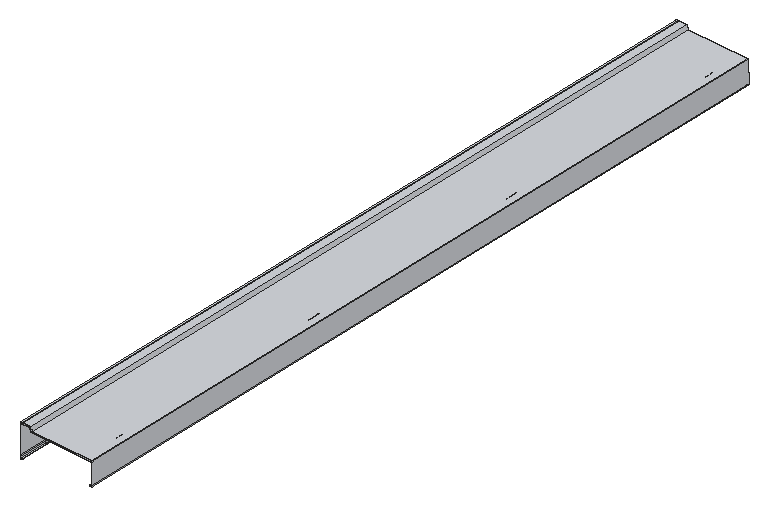
Revit family "ATBB175", category 一般モデル, Revit 2020
Family settings
  鉄筋をホスト可能 = いいえ
  丸型コネクタ寸法 = 直径を使用
  パーツ タイプ = 標準
  作業面ベース = いいえ
  常に垂直 = はい
  ロード時にボイドで切り取り = いいえ
  共有 = いいえ
  部屋計算ポイント = いいえ
Parameters
  笠木長さ [instance] = 2000 mm
  既定の高さ = 0 mm
  定尺笠木長さ = 4000 mm
  固定金具数 [instance] = 4
  判定 [instance] = if(笠木長さ > 4000 mm, 定尺笠木長さ, 笠木長さ)  # 2000 mm
Reference planes
  plane 1 "中心(正面/背面)": y = 0
  plane 2: z = 0
  plane 3 "中心(左/右)": x = 0
  plane 4: z = -43
  plane 5: x = -87.5
  plane 6: x = 87.5
  plane 7: y = -2000
  plane 8: y = -100
  plane 9: y = -1900
Forms (mm)
  Extrusion 1, solid
    sketch origin (-425.75, 0, -474.558) x (1, 0, 0) y (0, 0, 1)
      loop
        arc (340.42, 511.39) -> (338.897, 510.87) -> (338.25, 509.397) r 2
        line (338.25, 509.397) -> (338.25, 432.058)
        arc (338.25, 432.058) -> (338.396, 431.704) -> (338.75, 431.558) r 0.5
        line (338.75, 431.558) -> (344.25, 431.558) -> (344.25, 433.258) -> (340, 433.258) -> (340, 438.233) -> (340.25, 439.702) -> (340.25, 507.218)
        arc (340.25, 507.218) -> (340.897, 508.691) -> (342.42, 509.211) r 2
        line (342.42, 509.211) -> (360.095, 507.696)
        arc (360.095, 507.696) -> (361.259, 507.193) -> (361.886, 506.091) r 2
        line (361.886, 506.091) -> (363.587, 497.701) -> (509.936, 485.157)
        arc (509.936, 485.157) -> (511.229, 484.513) -> (511.75, 483.166) r 2
        line (511.75, 483.166) -> (511.75, 441.81) -> (511.996, 440.282) -> (512, 433.258) -> (507.75, 433.258) -> (507.75, 431.558) -> (513.25, 431.558)
        arc (513.25, 431.558) -> (513.604, 431.704) -> (513.75, 432.058) r 0.5
        line (513.75, 432.058) -> (513.75, 485.002)
        arc (513.75, 485.002) -> (513.218, 486.36) -> (511.904, 486.996) r 2
        line (511.904, 486.996) -> (365.25, 499.566) -> (363.25, 509.433) -> (340.42, 511.39)
    from 0 to 2000
  Extrusion 2, solid, not visible
    sketch origin (0, 0, 0) x (1, 0, 0) y (0, 0, 1)
      loop
        arc (340.42, 511.39) -> (338.897, 510.87) -> (338.25, 509.397) r 2
        line (338.25, 509.397) -> (338.25, 432.058)
        arc (338.25, 432.058) -> (338.396, 431.704) -> (338.75, 431.558) r 0.5
        line (338.75, 431.558) -> (344.25, 431.558) -> (344.25, 433.258) -> (340, 433.258) -> (340, 438.233) -> (340.25, 439.702) -> (340.25, 507.218)
        arc (340.25, 507.218) -> (340.897, 508.691) -> (342.42, 509.211) r 2
        line (342.42, 509.211) -> (360.095, 507.696)
        arc (360.095, 507.696) -> (361.259, 507.193) -> (361.886, 506.091) r 2
        line (361.886, 506.091) -> (363.587, 497.701) -> (509.936, 485.157)
        arc (509.936, 485.157) -> (511.229, 484.513) -> (511.75, 483.166) r 2
        line (511.75, 483.166) -> (511.75, 441.81) -> (511.996, 440.282) -> (512, 433.258) -> (507.75, 433.258) -> (507.75, 431.558) -> (513.25, 431.558)
        arc (513.25, 431.558) -> (513.604, 431.704) -> (513.75, 432.058) r 0.5
        line (513.75, 432.058) -> (513.75, 485.002)
        arc (513.75, 485.002) -> (513.218, 486.36) -> (511.904, 486.996) r 2
        line (511.904, 486.996) -> (365.25, 499.566) -> (363.25, 509.433) -> (340.42, 511.39)
    from 0 to 250
Dimensions and locks
  locked: plane 4 to plane 2 at 43
  locked: plane 5 to plane 3 "中心(左/右)" at 87.5
  plane 6 to plane 3 "中心(左/右)" = 87.5 mm
  plane 5 to plane 6 = 175 mm
  locked: plane 8 to plane 1 "中心(正面/背面)" at 100
  locked: plane 9 to plane 7 at 100
  "笠木長さ": plane 7 to plane 1 "中心(正面/背面)"
  locked: nested 1 to plane 8 at 25
  equal spacing: group 2, group 4, group 5, group 3  (x2)
  equal spacing: group 3, group 5, group 4, group 2
  locked: plane 9 to nested 2 at 25
  "判定": Extrusion 1 to plane 1 "中心(正面/背面)"
  aligned and locked: level to plane 2
  aligned and locked: plane 4 to Extrusion 1
  aligned and locked: plane 5 to Extrusion 1
  aligned and locked: plane 7 to Extrusion 1
Automatic sketch dimensions
  plane 5 to Extrusion 1 sketch curve = 0 mm
  Extrusion 1 sketch curve to plane 4 = 0 mm  (x2)
  Extrusion 1 sketch curve to Extrusion 1 sketch curve = 0.5 mm  (x2)
  Extrusion 1 sketch curve to plane 5 = 1.75 mm
  Extrusion 1 sketch curve to Extrusion 1 sketch curve = 0.25 mm
  Extrusion 1 sketch curve to Extrusion 1 sketch curve = 2 mm  (x2)
  Extrusion 1 sketch curve to Extrusion 1 sketch curve = 4.25 mm
  Extrusion 1 sketch curve to Extrusion 1 sketch curve = 17.675 mm
  Extrusion 1 sketch curve to Extrusion 1 sketch curve = 1.962 mm
  Extrusion 1 sketch curve to Extrusion 1 sketch curve = 1.363 mm
  Extrusion 1 sketch curve to Extrusion 1 sketch curve = 1.701 mm
  Extrusion 1 sketch curve to Extrusion 1 sketch curve = 1.663 mm
  Extrusion 1 sketch curve to plane 4 = 1.7 mm  (x2)
  plane 6 to Extrusion 1 sketch curve = 5.499 mm
  plane 6 to Extrusion 1 sketch curve = 3.5 mm
  Extrusion 1 sketch curve to Extrusion 1 sketch curve = 0.186 mm
  plane 6 to Extrusion 1 sketch curve = 1.499 mm  (x2)
  plane 6 to Extrusion 1 sketch curve = 1.346 mm
  plane 6 to Extrusion 1 sketch curve = 1.254 mm
  plane 6 to Extrusion 1 sketch curve = 1.25 mm
  Extrusion 1 sketch curve to plane 6 = 0 mm
  Extrusion 1 sketch curve to plane 4 = 0.5 mm  (x2)
  Extrusion 1 sketch curve to Extrusion 1 sketch curve = 4.975 mm
  Extrusion 1 sketch curve to Extrusion 1 sketch curve = 1.469 mm
  Extrusion 1 sketch curve to Extrusion 1 sketch curve = 7.024 mm
  Extrusion 1 sketch curve to Extrusion 1 sketch curve = 1.528 mm
  level to Extrusion 1 sketch curve = 8.608 mm
  Extrusion 1 sketch curve to Extrusion 1 sketch curve = 1.836 mm
  Extrusion 1 sketch curve to Extrusion 1 sketch curve = 0.155 mm
  Extrusion 1 sketch curve to Extrusion 1 sketch curve = 1.994 mm
  level to Extrusion 1 sketch curve = 23.143 mm
  Extrusion 1 sketch curve to Extrusion 1 sketch curve = 1.865 mm
  Extrusion 1 sketch curve to Extrusion 1 sketch curve = 6.138 mm
  Extrusion 1 sketch curve to Extrusion 1 sketch curve = 0.388 mm
  Extrusion 1 sketch curve to Extrusion 1 sketch curve = 1.514 mm
  Extrusion 1 sketch curve to Extrusion 1 sketch curve = 2.179 mm
  Extrusion 1 sketch curve to Extrusion 1 sketch curve = 3.342 mm
  Extrusion 1 sketch curve to Extrusion 1 sketch curve = 0 mm  (x18)
  Extrusion 1 sketch curve to Extrusion 1 sketch curve = 0.171 mm  (x3)
Nested families
  nested 1: "ATAF175" at (0, -75, 0), type "ATAF175"
  nested 2: "ATAF175" at (0, -1875, 0), type "ATAF175"
  nested 3: "ATAF175" at (0, -675, 0), type "ATAF175"
  nested 4: "ATAF175" at (0, -1275, 0), type "ATAF175"
Definition of nested family "ATAF175"
  Parameters
    Default Elevation = 0 mm
  Reference planes
    plane 1 "中心(正面/背面)": y = 0
    plane 2: z = 0
    plane 3 "中心(左/右)": x = 0
  Forms (mm)
    Extrusion 1, solid
      sketch origin (-227.256, 0, -140.315) x (1, 0, 0) y (0, 0, 1)
        loop
          line (313.256, 106.414) -> (306.256, 149.915) -> (284.456, 151.286) -> (284.456, 146.425)
          arc (284.456, 146.425) -> (283.854, 144.996) -> (282.412, 144.426) r 2
          line (282.412, 144.426) -> (264.753, 144.815) -> (227.256, 144.816) -> (189.749, 144.815) -> (178.11, 144.486)
          arc (178.11, 144.486) -> (176.661, 145.052) -> (176.056, 146.485) r 2
          line (176.056, 146.485) -> (176.044, 160.29) -> (151.256, 163.215) -> (141.256, 104.417) -> (141.256, 99.415) -> (143.07, 99.415) -> (153.65, 156.386)
          arc (153.65, 156.386) -> (154.82, 158.254) -> (156.951, 158.818) r 3
          line (156.951, 158.818) -> (170.582, 157.208)
          arc (170.582, 157.208) -> (171.848, 156.553) -> (172.356, 155.221) r 2
          line (172.356, 155.221) -> (172.356, 140.315) -> (287.956, 140.315) -> (287.956, 145.43)
          arc (287.956, 145.43) -> (288.587, 146.887) -> (290.081, 147.426) r 2
          line (290.081, 147.426) -> (300.928, 146.744)
          arc (300.928, 146.744) -> (302.747, 145.998) -> (303.714, 144.287) r 3
          line (303.714, 144.287) -> (311.256, 101.619) -> (311.256, 99.415) -> (313.256, 99.415) -> (313.256, 106.414)
      from 0 to 50
  Dimensions and locks
    Extrusion 1 to level = 0 mm
    Extrusion 1 to plane 3 "中心(左/右)" = 86 mm
    aligned and locked: level to plane 2
